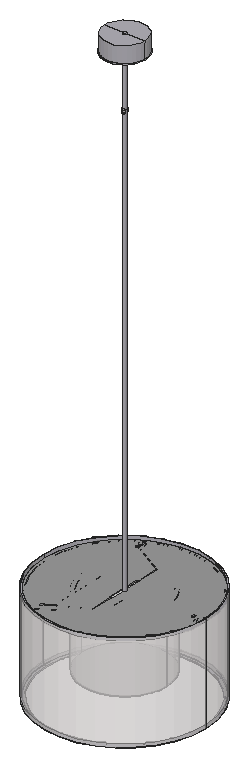
Revit family "Lighting - Lumetta - Pendant - P52314L2-Full", category Lighting Fixtures, host Ceiling, Revit 2015
Parameters
  Wattage = 11.1351 W
  built-in parameter 1150110 = 1 (stored number, unit not read)
  URL = "https://lumetta.com/luminaires/drum-l2-23-pendant/"
  Type Comments = "Drum L2 23'' Pendant"  # constant formula
  built-in parameter 1114217 = 1 (stored number, unit not read)
  Top Lens-Material [instance] = Acrylic - 2447 - White
  Top Lens [instance] = yes
  built-in parameter 1150109 = 1 (stored number, unit not read)
  built-in parameter 1150134 = (empty or 0)
  Suspension [instance] = 2
  built-in parameter 1150113 = 1 (stored number, unit not read)
  Stem Hung-ALL Lamping [instance] = Suspension = 2  # yes
  Light Source Symbol Size = 0' - 1"
  Diffuser Material-Inner [instance] = Shade - Lumetta - D61 - MT_White
  Coupling-Stems Over 60 inches [instance] = and([Stem Hung-ALL Lamping], Fixture Drop > 5' 0")  # yes
  Model = "P52314L2"  # constant formula
  Manufacturer = "Lumetta, Inc."  # constant formula
  Lumens = 1236 lm
  built-in parameter 1150115 = 1 (stored number, unit not read)
  built-in parameter 1150105 = 98.358 (stored number, unit not read)
  built-in parameter 1150137 = (empty or 0)
  built-in parameter 1150139 = (empty or 0)
  built-in parameter 1150112 = 1 (stored number, unit not read)
  built-in parameter 1150114 = 1 (stored number, unit not read)
  built-in parameter 1150132 = 2
  built-in parameter 1150102 = (empty or 0)
  built-in parameter 1150138 = (empty or 0)
  built-in parameter 1150107 = 3000 (stored number, unit not read)
  built-in parameter 1150106 = 0.98358 (stored number, unit not read)
  Frame Finish [instance] = Paint - Lumetta - F02 - PC_Chrome
  Fixture Height [instance] = 1' - 2"
  Fixture Drop [instance] = 5' - 10"
  built-in parameter 1150104 = 10.312 (stored number, unit not read)
  Dimming Lamp Color Temperature Shift = (empty or 0)
  Diffuser Material-Outer [instance] = Shade - Lumetta - D61 - MT_White
  Description = "Drum L2 23'' Pendant"  # constant formula
  Cord [instance] = Suspension = 1  # no
  3 Cables [instance] = Suspension = 1  # no
  1CRD-3CBL-ALL Lamping [instance] = Suspension = 1  # no
  Cord Color [instance] = Cord, Black
  Color Filter = 16777215
  built-in parameter 1114218 = 1 (stored number, unit not read)
  built-in parameter 1150133 = 10 (stored number, unit not read)
Reference planes (in)
  plane 1 "Light Source Axis (F/B)": y = 0
  plane 2 "Ceiling": z = 96
  plane 3 "Light Source Axis (L/R)": x = 0
  plane 4 "Light Source Elevation": z = 23.5
  plane 5 "Fixture-Top": z = 26
  plane 6 "Fixture-Radius": x = 11.5
  plane 7 "Fixture-Height": z = 12
  plane 8: through (0, 0, 0) normal (-0.5, -0.866, 0)
  plane 9: y = 0
  plane 10: through (0, 0, 0) normal (0.5, -0.866, 0)
  plane 11 "Plane-120": through (-5.75, 9.95929, 0) normal (0.5, -0.866, 0)
  plane 12 "Plane-240": through (-68.10383, 26.04071, 0) normal (0.5, 0.866, 0)
  plane 13: through (0, 0, 0) normal (-0.866, -0.5, 0)
  plane 14: through (0, 0, 0) normal (0.866, -0.5, 0)
Forms (in)
  Revolve 1, solid, material "Paint - Lumetta - F02 - PC_Chrome" <- "Frame Finish", visible <- "1CRD-3CBL-ALL Lamping"
    sketch origin (0, 0, 0) x (1, 0, 0) y (0, 0, 1)
      loop
        line (0, 96) -> (0, 95.4375) -> (3, 95.4375) -> (3, 95.5) -> (2.87509, 95.5) -> (2.87509, 96) -> (0, 96)
      axis (0, 96) -> (0, 95.4375)
    angle from 0 to 360
  Extrusion 2, void
    sketch origin (0, 0, 95.4375) x (0, -1, 0) y (1, 0, 0)
      loop
        circle (0, 0) r 0.25
      loop
        circle (0, 2.5) r 0.06274
      loop
        circle (-2.16506, -1.25) r 0.06274
      loop
        circle (2.16506, -1.25) r 0.06274
    from 0 to 0.06358
  Revolve 3, solid, material "Paint - Lumetta - F02 - PC_Chrome" <- "Frame Finish"
    sketch origin (0, 0, 0) x (1, 0, 0) y (0, 0, 1)
      loop
        line (11.5, 26) -> (11.43781, 26) -> (11.43781, 25.56373) -> (11.00031, 25.56373) -> (11.00031, 25.50123) -> (11.5, 25.50123) -> (11.5, 26)
      loop
        line (11.5, 12.50004) -> (11.43781, 12.50004) -> (11.43781, 12.06378) -> (11.00031, 12.06378) -> (11.00031, 12) -> (11.5, 12) -> (11.5, 12.50004)
      axis (0, 26) -> (0, 12)
    angle from 0 to 360
  Revolve 4, solid, material "Shade - Lumetta - D61 - MT_White" <- "Diffuser Material-Outer"
    sketch origin (0, 0, 0) x (1, 0, 0) y (0, 0, 1)
      loop
        line (11.5, 26) -> (11.5, 12) -> (11.56242, 12) -> (11.56242, 26) -> (11.5, 26)
      axis (0, 26) -> (0, 12)
    angle from 0 to 360
  Extrusion 5, solid, material "Paint - Lumetta - F02 - PC_Chrome" <- "Frame Finish", visible <- "Stem Hung-ALL Lamping"
    sketch origin (0, 0, 26) x (0, -1, 0) y (-1, 0, 0)
      loop
        circle (0, 0) r 0.25
    from 0.56254 to -70
  Revolve 6, solid, material "Paint - Lumetta - F02 - PC_Chrome" <- "Frame Finish", visible <- "Coupling-Stems Over 60 inches"
    sketch origin (0, 0, 0) x (1, 0, 0) y (0, 0, 1)
      loop
        line (0, 86.53023) -> (0, 86) -> (0.26233, 86)
        arc (0.26233, 86) -> (0.31307, 86.05074) -> (0.26233, 86.10149) r 0.05074
        arc (0.26233, 86.10149) -> (0.29304, 86.26499) -> (0.26243, 86.42851) r 0.45126
        arc (0.26243, 86.42851) -> (0.31329, 86.47937) -> (0.26243, 86.53023) r 0.05086
        line (0.26243, 86.53023) -> (0, 86.53023)
      axis (0, 86.53023) -> (0, 86)
    angle from 0 to 360
  Revolve 7, solid, material "Paint - Lumetta - F02 - PC_Chrome" <- "Frame Finish", visible <- "Stem Hung-ALL Lamping"
    sketch origin (0, 0, 0) x (1, 0, 0) y (0, 0, 1)
      loop
        line (0, 96) -> (0, 93.40625) -> (0.34988, 93.40625)
        arc (0.34988, 93.40625) -> (0.49124, 93.54417) -> (0.58115, 93.72) r 0.61026
        line (0.58115, 93.72) -> (3, 93.72) -> (3, 93.78) -> (2.875, 93.78) -> (2.875, 96) -> (0, 96)
      axis (0, 96) -> (0, 93.40625)
    angle from 0 to 360
  Extrusion 8, solid, material "Cord, Black" <- "Cord Color", visible <- "1CRD-3CBL-ALL Lamping"
    sketch origin (0, 0, 26) x (0, -1, 0) y (1, 0, 0)
      loop
        circle (0, 0) r 0.15674
    from -0.56254 to 70
  Extrusion 9, solid
    sketch origin (0, 0, 26) x (0, -1, 0) y (1, 0, 0)
      loop
        line (-0.5, 10.98559) -> (-0.5, 10.25) -> (0.5, 10.25) -> (0.5, 10.98559)
        arc (0.5, 10.98559) -> (0, 10.99696) -> (-0.5, 10.98559) r 10.99696
      loop
        circle (0, 10.5) r 0.11051
      loop
        arc (-9.7667, -5.06146) -> (-9.52654, -5.50015) -> (-9.2667, -5.92748) r 11.00031
        line (-9.2667, -5.92748) -> (-8.62676, -5.55801) -> (-9.12676, -4.69199) -> (-9.7667, -5.06146)
      loop
        circle (-9.09327, -5.25) r 0.10826
      loop
        arc (9.2638, -5.92581) -> (9.52365, -5.49848) -> (9.7638, -5.05978) r 10.99696
        line (9.7638, -5.05978) -> (9.12676, -4.69199) -> (8.62676, -5.55801) -> (9.2638, -5.92581)
      loop
        circle (9.09327, -5.25) r 0.10826
    from -0.43627 to -0.49877
  Extrusion 10, solid
    sketch origin (0, 0, 26) x (0, -1, 0) y (1, 0, 0)
      loop
        circle (0, 10.5) r 0.11051
      loop
        line (-0.76833, 10.73292) -> (-0.76833, 9.96921) -> (-9.05442, -4.38271) -> (-9.66082, -4.73282) -> (-8.91082, -6.03185) -> (-8.24943, -5.65) -> (8.32275, -5.65) -> (8.92915, -6.0001) -> (9.67915, -4.70107) -> (9.01776, -4.31921) -> (0.73167, 10.03271) -> (0.73167, 10.73292) -> (-0.76833, 10.73292)
      loop
        circle (0, 9.75) r 0.15796
      loop
        circle (-9.09327, -5.25) r 0.11051
      loop
        circle (-8.44375, -4.875) r 0.15796
      loop
        circle (9.09327, -5.25) r 0.11051
      loop
        circle (8.44375, -4.875) r 0.15796
      loop
        arc (6.48437, -3.9625) -> (6.67381, -3.85313) -> (6.67381, -3.63438) r 0.21875
        line (6.67381, -3.63438) -> (0.18944, 7.59687)
        arc (0.18944, 7.59687) -> (0, 7.70625) -> (-0.18944, 7.59687) r 0.21875
        line (-0.18944, 7.59687) -> (-6.67381, -3.63438)
        arc (-6.67381, -3.63438) -> (-6.67381, -3.85313) -> (-6.48437, -3.9625) r 0.21875
        line (-6.48437, -3.9625) -> (6.48437, -3.9625)
    from -0.5625 to -0.49877
  Sweep 11, solid, material "Steel, Galvanized", visible <- "1CRD-3CBL-ALL Lamping"
    path origin (0, 0, 0) x (1, 0, 0) y (0, 0, 1)
      loop
        line (2.5, 95.50108) -> (9.75, 25.50123)
    profile origin (6.125, 0, 60.50116) x (0.994679, 0, 0.103021) y (0, -1, 0)
      loop
        circle (0, 0) r 0.03083
  Sweep 12, solid, material "Steel, Galvanized", visible <- "1CRD-3CBL-ALL Lamping"
    path origin (0, 0, 0) x (-0.5, 0.866025, 0) y (0, 0, 1)
      loop
        line (2.5, 95.50108) -> (9.75, 25.50123)
    profile origin (-3.0625, 5.30441, 60.50116) x (-0.49734, 0.861417, 0.103021) y (0.866025, 0.5, 0)
      loop
        circle (0, 0) r 0.03083
  Sweep 13, solid, material "Steel, Galvanized", visible <- "1CRD-3CBL-ALL Lamping"
    path origin (0, 0, 0) x (-0.5, -0.866025, 0) y (0, 0, 1)
      loop
        line (2.5, 95.50108) -> (9.75, 25.50123)
    profile origin (-3.0625, -5.30441, 60.50116) x (-0.49734, -0.861417, 0.103021) y (-0.866025, 0.5, 0)
      loop
        circle (0, 0) r 0.03083
  Extrusion 14, solid
    sketch origin (0, 0, 26) x (0, -1, 0) y (1, 0, 0)
      loop
        line (-5.29719, -1.25) -> (5.29719, -1.25) -> (3.85381, 1.25) -> (-3.85381, 1.25) -> (-5.29719, -1.25)
      loop
        circle (0, 0) r 0.28281
    from -0.56254 to -0.49877
  Extrusion 15, solid, material "Acrylic - 2447 - White" <- "Top Lens-Material", visible <- "Top Lens"
    sketch origin (0, 0, 26) x (0, -1, 0) y (1, 0, 0)
      loop
        line (-2.50665, 0.05287) -> (-5.59142, 0.05287) -> (-8.30557, -4.64816)
        arc (-8.30557, -4.64816) -> (-8.63313, -5.06123) -> (-8.21462, -4.74064) r 0.26561
        line (-8.21462, -4.74064) -> (-5.51925, -0.07213) -> (-2.50665, -0.07213)
        arc (-2.50665, -0.07213) -> (-2.4132, -0.21734) -> (-2.25, -0.27378) r 0.26415
        line (-2.25, -0.27378) -> (2.25, -0.27378)
        arc (2.25, -0.27378) -> (2.41692, -0.21436) -> (2.50874, -0.06284) r 0.26415
        line (2.50874, -0.06284) -> (5.51389, -0.06284) -> (8.2155, -4.74217)
        arc (8.2155, -4.74217) -> (8.63236, -5.05984) -> (8.30633, -4.64949) r 0.26408
        line (8.30633, -4.64949) -> (5.58567, 0.06284) -> (2.50402, 0.06284)
        arc (2.50402, 0.06284) -> (2.40911, 0.20123) -> (2.25, 0.25453) r 0.26415
        line (2.25, 0.25453) -> (-2.25, 0.25453)
        arc (-2.25, 0.25453) -> (-2.4132, 0.19808) -> (-2.50665, 0.05287) r 0.26415
      loop
        circle (0, 9.75) r 0.26626
      loop
        circle (0, 0) r 11.34375
    from -0.43627 to -0.375
  Revolve 16, solid, material "Paint - Lumetta - F02 - PC_Chrome" <- "Frame Finish", visible <- "1CRD-3CBL-ALL Lamping"
    sketch origin (0, 0, 0) x (1, 0, 0) y (0, 0, 1)
      loop
        line (0, 95.4375) -> (0, 95.3765) -> (0.37481, 95.3765) -> (0.37481, 95.4375) -> (0, 95.4375)
      axis (0, 95.4375) -> (0, 95.3765)
    angle from 0 to 360
  Revolve 17, solid, material "Shade - Lumetta - D61 - MT_White" <- "Diffuser Material-Inner"
    sketch origin (0, 0, 0) x (1, 0, 0) y (0, 0, 1)
      loop
        line (11.43781, 12.06378) -> (11.43781, 25.50123) -> (11.40601, 25.50123) -> (11.40601, 12.06378) -> (11.43781, 12.06378)
      axis (0, 25.50123) -> (0, 12.06378)
    angle from 0 to 360
  Extrusion 18, solid, material "Acrylic - 2447 - White"
    sketch origin (0, 0, 26) x (0, -1, 0) y (1, 0, 0)
      loop
        circle (0, 0) r 6
      loop
        arc (-1.375, -5.32535) -> (-0.94381, -5.23651) -> (-0.75, -4.84123) r 0.5
        line (-0.75, -4.84123) -> (-0.75, -4.0625)
        arc (-0.75, -4.0625) -> (-0.73169, -4.01831) -> (-0.6875, -4) r 0.0625
        line (-0.6875, -4) -> (0.6875, -4)
        arc (0.6875, -4) -> (0.73169, -4.01831) -> (0.75, -4.0625) r 0.0625
        line (0.75, -4.0625) -> (0.75, -4.84123)
        arc (0.75, -4.84123) -> (0.94381, -5.23651) -> (1.375, -5.32535) r 0.5
        arc (1.375, -5.32535) -> (5.5, 0) -> (1.375, 5.32535) r 5.5
        arc (1.375, 5.32535) -> (0.94381, 5.23651) -> (0.75, 4.84123) r 0.5
        line (0.75, 4.84123) -> (0.75, 4.0625)
        arc (0.75, 4.0625) -> (0.73169, 4.01831) -> (0.6875, 4) r 0.0625
        line (0.6875, 4) -> (-0.6875, 4)
        arc (-0.6875, 4) -> (-0.73169, 4.01831) -> (-0.75, 4.0625) r 0.0625
        line (-0.75, 4.0625) -> (-0.75, 4.84123)
        arc (-0.75, 4.84123) -> (-0.94381, 5.23651) -> (-1.375, 5.32535) r 0.5
        arc (-1.375, 5.32535) -> (-5.5, 0) -> (-1.375, -5.32535) r 5.5
      loop
        circle (0, -4.42962) r 0.106
      loop
        circle (0, 4.42962) r 0.106
    from -0.68777 to -0.55153
  Extrusion 19, solid, material "Acrylic - 2447 - White"
    sketch origin (0, 0, 26) x (0, -1, 0) y (1, 0, 0)
      loop
        circle (0, 0) r 6
    from -10.56124 to -10.43979
  Revolve 20, solid, material "Shade - Lumetta - D61 - MT_White"
    sketch origin (0, 0, 0) x (1, 0, 0) y (0, 0, 1)
      loop
        line (6.0001, 25.44847) -> (6.0001, 15.43876) -> (6.03095, 15.43876) -> (6.03095, 25.44847) -> (6.0001, 25.44847)
      axis (0, 15.43876) -> (0, 25.44847)
    angle from 0 to 360
Dimensions and locks (in)
  equal spacing: host sketch curve, plane 3 "Light Source Axis (L/R)", host sketch curve
  equal spacing: host sketch curve, plane 1 "Light Source Axis (F/B)", host sketch curve
  host sketch curve to host sketch curve = 10' - 0"  (x2)
  "Fixture Drop": plane 2 "Ceiling" to plane 5 "Fixture-Top"
  locked: plane 5 "Fixture-Top" to plane 4 "Light Source Elevation" at 2.5
  locked: plane 6 "Fixture-Radius" to plane 3 "Light Source Axis (L/R)" at 11.5
  "Fixture Height": plane 5 "Fixture-Top" to plane 7 "Fixture-Height"
  locked: Extrusion 2 sketch curve to Extrusion 2 sketch curve at 2.5
  locked: plane 6 "Fixture-Radius" to Revolve 3 sketch curve at 0.06219  (x2)
  locked: Revolve 4 sketch curve to plane 6 "Fixture-Radius" at 0.06242
  locked: Revolve 3 to Revolve 4 at 0.06378
  locked: Extrusion 5 sketch curve to imposter light
  locked: Extrusion 5 sketch curve to imposter light at 0
  Revolve 6 sketch curve to Revolve 6 sketch curve = 0' - 0.15822"
  locked: Revolve 6 sketch curve to Revolve 4 at 60
  locked: Revolve 6 sketch curve to Revolve 6 sketch curve at 0.53023
  locked: Revolve 6 sketch curve to Revolve 6 sketch curve at 0.26243
  locked: Revolve 6 sketch curve to Revolve 6 sketch curve at 0.26233
  locked: Revolve 6 sketch curve to Revolve 6 sketch curve at 0.05074
  locked: Revolve 6 sketch curve to Revolve 6 sketch curve at 0.47937
  locked: Revolve 6 sketch curve to Revolve 6 sketch curve at 0.26512
  locked: Revolve 7 sketch curve to Revolve 7 sketch curve at 2.875
  locked: Revolve 7 sketch curve to Revolve 7 sketch curve at 0.31375
  locked: plane 5 "Fixture-Top" to Revolve 3 sketch curve at 0.49877
  locked: Revolve 3 sketch curve to Revolve 3 sketch curve at 0.0625
  locked: Revolve 3 sketch curve to plane 7 "Fixture-Height" at 0.50004
  locked: plane 6 "Fixture-Radius" to Revolve 3 sketch curve at 0.49969
  locked: Revolve 1 sketch curve to Revolve 1 sketch curve at 0.0625
  locked: host ceiling to Revolve 1 sketch curve at 0.5625
  locked: Revolve 1 sketch curve to Revolve 1 sketch curve at 0.5625
  Revolve 1 sketch curve to Revolve 1 sketch curve = 0' - 2.87509"
  equal spacing: Extrusion 9 sketch curve, plane 1 "Light Source Axis (F/B)", Extrusion 9 sketch curve
  locked: Extrusion 9 sketch curve to plane 1 "Light Source Axis (F/B)" at 0.5
  locked: Extrusion 9 sketch curve to plane 6 "Fixture-Radius" at 1
  locked: Extrusion 9 sketch curve to plane 6 "Fixture-Radius" at 1.25
  locked: Extrusion 10 sketch curve to plane 6 "Fixture-Radius" at 1
  locked: Extrusion 10 sketch curve to plane 6 "Fixture-Radius" at 1.75
  locked: plane 10 to plane 11 "Plane-120" at 11.5
  locked: plane 12 "Plane-240" to plane 8 at 11.5
  locked: plane 11 "Plane-120" to Extrusion 9 sketch curve at 1.25
  locked: Extrusion 9 sketch curve to plane 11 "Plane-120" at 1
  locked: plane 12 "Plane-240" to Extrusion 9 sketch curve at 1.25
  locked: Extrusion 9 sketch curve to plane 12 "Plane-240" at 1
  locked: Extrusion 10 sketch curve to plane 11 "Plane-120" at 0.76708
  locked: Extrusion 10 sketch curve to plane 12 "Plane-240" at 0.76708
  locked: Extrusion 10 sketch curve to plane 6 "Fixture-Radius" at 0.76708
  locked: Extrusion 10 sketch curve to plane 12 "Plane-240" at 1
  locked: Extrusion 10 sketch curve to plane 12 "Plane-240" at 1.75
  locked: Extrusion 10 sketch curve to plane 11 "Plane-120" at 1
  locked: Extrusion 10 sketch curve to plane 11 "Plane-120" at 1.75
  equal spacing: Extrusion 9 sketch curve, plane 13, Extrusion 9 sketch curve, locked at 0.5 each
  equal spacing: Extrusion 9 sketch curve, plane 14, Extrusion 9 sketch curve
  locked: plane 10 to Extrusion 2 sketch curve at 2.5
  locked: Extrusion 2 sketch curve to plane 8 at 2.5
  locked: Extrusion 10 sketch curve to Extrusion 10 sketch curve at 1.6875  (x3)
  locked: Extrusion 10 sketch curve to Extrusion 10 sketch curve at 1.5  (x3)
  plane 3 "Light Source Axis (L/R)" to Extrusion 14 sketch curve = 0' - 1 1/4"
  Extrusion 14 sketch curve to plane 3 "Light Source Axis (L/R)" = 0' - 1 1/4"
  locked: Extrusion 14 sketch curve to Extrusion 10 at 1.6875  (x2)
  locked: Extrusion 15 sketch curve to plane 9 at 2.25
  locked: Extrusion 15 sketch curve to plane 3 "Light Source Axis (L/R)" at 0.07213
  locked: plane 3 "Light Source Axis (L/R)" to Extrusion 15 sketch curve at 0.05287
  locked: plane 3 "Light Source Axis (L/R)" to Extrusion 15 sketch curve at 0.06284
  locked: Extrusion 15 sketch curve to plane 3 "Light Source Axis (L/R)" at 0.06284
  locked: Extrusion 15 sketch curve to plane 3 "Light Source Axis (L/R)" at 0.00963  (x2)
  locked: Extrusion 15 sketch curve to plane 11 "Plane-120" at 1.75
  locked: Extrusion 15 sketch curve to plane 12 "Plane-240" at 1.75
  locked: Extrusion 15 sketch curve to plane 6 "Fixture-Radius" at 1.75
  locked: Extrusion 15 sketch curve to Extrusion 10 at 0.78125  (x2)
  locked: Extrusion 15 sketch curve to Extrusion 15 sketch curve at 0.125  (x2)
  Extrusion 15 to plane 3 "Light Source Axis (L/R)" = 0' - 0.07213"
  locked: plane 5 "Fixture-Top" to Extrusion 15 at 0.375
  locked: Revolve 1 sketch curve to Revolve 1 sketch curve at 3
  locked: Revolve 1 sketch curve to Revolve 1 sketch curve at 2.87509
  locked: Revolve 1 to Revolve 16 sketch curve at 0.061
  locked: plane 3 "Light Source Axis (L/R)" to Revolve 16 sketch curve at 0.37481
  locked: plane 5 "Fixture-Top" to Revolve 17 sketch curve at 0.49877
  locked: Revolve 17 sketch curve to plane 7 "Fixture-Height" at 0.06378
  locked: plane 6 "Fixture-Radius" to Revolve 17 sketch curve at 0.06219
  locked: Revolve 17 sketch curve to Revolve 17 sketch curve at 0.0318
  locked: Extrusion 18 sketch curve to plane 3 "Light Source Axis (L/R)" at 4
  locked: plane 9 to Extrusion 18 sketch curve at 0.75  (x2)
  locked: Extrusion 18 sketch curve to plane 3 "Light Source Axis (L/R)" at 4.42962
  locked: plane 5 "Fixture-Top" to Extrusion 18 at 0.55153
  locked: Extrusion 18 to Extrusion 18 at 0.13624
  locked: Extrusion 18 to Extrusion 19 at 10.00971
  locked: Extrusion 19 to Extrusion 19 at 0.12145
  locked: Revolve 20 sketch curve to Extrusion 10 at 0.01097
  locked: Extrusion 19 to Revolve 20 sketch curve
  locked: Revolve 20 sketch curve to plane 3 "Light Source Axis (L/R)" at 6.03095
  locked: Revolve 20 sketch curve to Revolve 20 sketch curve at 0.03085
  locked: Extrusion 15 sketch curve to Extrusion 15 sketch curve (radius 0' - 11 11/32")
  diameter of Extrusion 18 sketch curve = 1' - 0"
  diameter of Extrusion 19 sketch curve = 1' - 0"
  aligned and locked: plane 3 "Light Source Axis (L/R)" to imposter light
  aligned and locked: plane 1 "Light Source Axis (F/B)" to imposter light
  aligned and locked: plane 4 "Light Source Elevation" to imposter light
  aligned and locked: Revolve 4 sketch curve to plane 3 "Light Source Axis (L/R)"
  aligned and locked: Revolve 6 sketch curve to Revolve 6 sketch curve  (x2)
  aligned and locked: host ceiling to Extrusion 5
  aligned and locked: Extrusion 9 to Revolve 3
  aligned and locked: Revolve 3 to Extrusion 9
  aligned and locked: Extrusion 10 to Extrusion 9
  aligned and locked: Extrusion 9 sketch curve to Revolve 3
  aligned and locked: host ceiling to Extrusion 8
  aligned and locked: Extrusion 14 to Extrusion 5
  aligned and locked: Revolve 3 to Extrusion 14
  aligned and locked: Extrusion 15 sketch curve to Extrusion 15 sketch curve  (x2)
  aligned and locked: Extrusion 15 to Revolve 3
  aligned and locked: plane 3 "Light Source Axis (L/R)" to Revolve 20 sketch curve
Automatic sketch dimensions
  Revolve 4 sketch curve to plane 6 "Fixture-Radius" = 0' - 0"
  Revolve 4 sketch curve to plane 7 "Fixture-Height" = 0' - 0"
  Revolve 4 sketch curve to plane 5 "Fixture-Top" = 0' - 0"
  plane 7 "Fixture-Height" to Revolve 4 sketch curve = 0' - 1 1/4"
  Revolve 4 sketch curve to plane 5 "Fixture-Top" = 0' - 2 1/4"
  Revolve 6 sketch curve to plane 3 "Light Source Axis (L/R)" = 0' - 0"
  Revolve 6 sketch curve to Revolve 6 sketch curve = 0' - 11.34317"
  Revolve 7 sketch curve to plane 3 "Light Source Axis (L/R)" = 0' - 0"  (x3)
  Revolve 7 sketch curve to plane 2 "Ceiling" = 0' - 0"
  plane 3 "Light Source Axis (L/R)" to Revolve 7 sketch curve = 0' - 0.34988"
  Revolve 7 sketch curve to Revolve 7 sketch curve = 0' - 0.23126"
  Revolve 7 sketch curve to Revolve 7 sketch curve = 0' - 0 1/8"
  Revolve 7 sketch curve to plane 2 "Ceiling" = 0' - 2 3/32"
  Revolve 7 sketch curve to Revolve 7 sketch curve = 0' - 0.06"
  plane 2 "Ceiling" to Revolve 7 sketch curve = 0' - 1 3/4"
  Revolve 7 sketch curve to Revolve 7 sketch curve = 0' - 2 1/2"
  plane 1 "Light Source Axis (F/B)" to Extrusion 8 sketch curve = 0' - 0"
  Extrusion 8 sketch curve to plane 3 "Light Source Axis (L/R)" = 0' - 0"
  Revolve 3 sketch curve to plane 3 "Light Source Axis (L/R)" = 0' - 0"
  Revolve 3 sketch curve to plane 7 "Fixture-Height" = 0' - 0"
  Revolve 3 sketch curve to plane 5 "Fixture-Top" = 0' - 0"
  Revolve 3 sketch curve to plane 6 "Fixture-Radius" = 0' - 0"  (x2)
  Revolve 3 sketch curve to level = 0' - 10"
  Revolve 3 sketch curve to plane 2 "Ceiling" = 0' - 1"
  Revolve 3 sketch curve to Revolve 3 sketch curve = 0' - 0 7/16"
  Revolve 3 sketch curve to Revolve 3 sketch curve = 0' - 0.06378"
  Extrusion 9 sketch curve to Extrusion 9 sketch curve = 0' - 0"  (x2)
  plane 1 "Light Source Axis (F/B)" to Extrusion 9 sketch curve = 0' - 0"  (x2)
  Extrusion 9 sketch curve to Extrusion 9 sketch curve = 0' - 0.03349"  (x2)
  Extrusion 9 sketch curve to Extrusion 9 sketch curve = 0' - 0.17053"
  Extrusion 9 sketch curve to plane 6 "Fixture-Radius" = 0' - 0.51441"
  Extrusion 9 sketch curve to plane 3 "Light Source Axis (L/R)" = 0' - 0"
  plane 14 to Extrusion 9 sketch curve = 0' - 0"
  plane 13 to Extrusion 9 sketch curve = 0' - 0"
  Extrusion 2 sketch curve to Revolve 1 = 0' - 0"
  Extrusion 2 sketch curve to Extrusion 2 sketch curve = 0' - 1 1/4"  (x2)
  Sweep 11 sketch curve to plane 2 "Ceiling" = 0' - 0.49892"
  plane 3 "Light Source Axis (L/R)" to Sweep 11 sketch curve = 0' - 2 1/2"
  plane 5 "Fixture-Top" to Sweep 11 sketch curve = 0' - 0.49877"
  Sweep 11 sketch curve to plane 6 "Fixture-Radius" = 0' - 1 3/4"
  Sweep 11 sketch curve to plane 1 "Light Source Axis (F/B)" = 0' - 0"
  Sweep 11 sketch curve to profile plane = 0' - 0"
  Sweep 12 sketch curve to plane 2 "Ceiling" = 0' - 0.49892"
  Sweep 12 sketch curve to plane 10 = 0' - 2 1/2"
  plane 5 "Fixture-Top" to Sweep 12 sketch curve = 0' - 0.49877"
  plane 11 "Plane-120" to Sweep 12 sketch curve = 0' - 1 3/4"
  Sweep 12 sketch curve to profile plane = 0' - 0"
  profile plane to Sweep 12 sketch curve = 0' - 0"
  Sweep 13 sketch curve to plane 2 "Ceiling" = 0' - 0.49892"
  plane 8 to Sweep 13 sketch curve = 0' - 2 1/2"
  plane 5 "Fixture-Top" to Sweep 13 sketch curve = 0' - 0.49877"
  plane 12 "Plane-240" to Sweep 13 sketch curve = 0' - 1 3/4"
  profile plane to Sweep 13 sketch curve = 0' - 0"  (x2)
  plane 13 to Extrusion 10 sketch curve = 0' - 0"  (x3)
  plane 1 "Light Source Axis (F/B)" to Extrusion 10 sketch curve = 0' - 0"  (x3)
  plane 14 to Extrusion 10 sketch curve = 0' - 0"  (x2)
  Extrusion 10 sketch curve to plane 14 = 0' - 0"
  Extrusion 10 sketch curve to Extrusion 10 sketch curve = 0' - 0.18245"
  Extrusion 10 sketch curve to plane 1 "Light Source Axis (F/B)" = 0' - 0.18944"
  plane 1 "Light Source Axis (F/B)" to Extrusion 10 sketch curve = 0' - 0.18944"
  plane 1 "Light Source Axis (F/B)" to Extrusion 10 sketch curve = 0' - 0.73167"
  Extrusion 10 sketch curve to Extrusion 10 sketch curve = 0' - 0.121"
  Extrusion 10 sketch curve to Extrusion 10 sketch curve = 0' - 0 7/64"
  Extrusion 10 sketch curve to Extrusion 10 sketch curve = 0' - 1.95938"
  Extrusion 10 sketch curve to Extrusion 10 sketch curve = 0' - 0 7/32"
  Extrusion 10 sketch curve to Extrusion 10 sketch curve = 0' - 0.18944"  (x2)
  Extrusion 10 sketch curve to Extrusion 10 sketch curve = 0' - 0.6064"
  Extrusion 10 sketch curve to Extrusion 10 sketch curve = 0' - 0.66139"
  plane 1 "Light Source Axis (F/B)" to Extrusion 14 sketch curve = 0' - 0"
  Extrusion 14 sketch curve to plane 3 "Light Source Axis (L/R)" = 0' - 0"
  plane 13 to Extrusion 15 sketch curve = 0' - 0"
  plane 1 "Light Source Axis (F/B)" to Extrusion 15 sketch curve = 0' - 0"  (x2)
  plane 14 to Extrusion 15 sketch curve = 0' - 0"
  Extrusion 15 sketch curve to plane 3 "Light Source Axis (L/R)" = 0' - 0"
  plane 1 "Light Source Axis (F/B)" to Extrusion 15 sketch curve = 0' - 2 1/4"
  Extrusion 15 sketch curve to Extrusion 15 sketch curve = 0' - 0.25665"
  Extrusion 15 sketch curve to Extrusion 15 sketch curve = 0' - 0.13436"
  Extrusion 15 sketch curve to Extrusion 15 sketch curve = 0' - 0.09083"
  Revolve 1 sketch curve to plane 3 "Light Source Axis (L/R)" = 0' - 0"  (x2)
  Revolve 1 sketch curve to plane 5 "Fixture-Top" = 0' - 1 1/4"
  Revolve 1 sketch curve to Revolve 1 sketch curve = 0' - 9 3/4"
  Revolve 16 sketch curve to plane 3 "Light Source Axis (L/R)" = 0' - 0"  (x2)
  Revolve 16 sketch curve to Revolve 16 sketch curve = 0' - 0.061"
  Revolve 16 sketch curve to Revolve 16 sketch curve = 0' - 0.82606"
  Revolve 16 sketch curve to plane 2 "Ceiling" = 0' - 0 1/4"
  Revolve 17 sketch curve to plane 3 "Light Source Axis (L/R)" = 0' - 0"
  Revolve 17 sketch curve to plane 7 "Fixture-Height" = 0' - 2.50123"
  plane 4 "Light Source Elevation" to Revolve 17 sketch curve = 0' - 0.99877"
  Extrusion 18 sketch curve to Extrusion 18 sketch curve = 0' - 0"  (x4)
  plane 1 "Light Source Axis (F/B)" to Extrusion 18 sketch curve = 0' - 0"  (x3)
  Extrusion 18 sketch curve to plane 3 "Light Source Axis (L/R)" = 0' - 0"
  Extrusion 18 sketch curve to Extrusion 18 sketch curve = 0' - 0 1/2"  (x4)
  Extrusion 18 sketch curve to Extrusion 18 sketch curve = 0' - 0 1/16"  (x4)
  plane 1 "Light Source Axis (F/B)" to Extrusion 18 sketch curve = 0' - 0 11/16"
  Extrusion 18 sketch curve to Extrusion 18 sketch curve = 0' - 0.77873"  (x4)
  Extrusion 18 sketch curve to Extrusion 18 sketch curve = 0' - 0.36712"
  Extrusion 18 sketch curve to Extrusion 18 sketch curve = 0' - 0 1/8"  (x2)
  Extrusion 18 sketch curve to plane 1 "Light Source Axis (F/B)" = 0' - 1 3/8"
  plane 1 "Light Source Axis (F/B)" to Extrusion 18 sketch curve = 0' - 1 3/8"
  plane 1 "Light Source Axis (F/B)" to Extrusion 19 sketch curve = 0' - 0"
  Extrusion 19 sketch curve to plane 3 "Light Source Axis (L/R)" = 0' - 0"
  plane 4 "Light Source Elevation" to Revolve 20 sketch curve = 0' - 4.06124"
  Revolve 20 sketch curve to Revolve 20 sketch curve = 0' - 2"
  radius of Extrusion 5 sketch curve = 0' - 0 1/4"
  radius of Extrusion 8 sketch curve = 0' - 0.15674"
  radius of Extrusion 9 sketch curve = 0' - 0.11051"
  radius of Extrusion 9 sketch curve = 0' - 0.10826"  (x2)
  radius of Extrusion 2 sketch curve = 0' - 0.06274"  (x3)
  radius of Sweep 11 sketch curve = 0' - 0.03083"
  radius of Sweep 12 sketch curve = 0' - 0.03083"
  radius of Sweep 13 sketch curve = 0' - 0.03083"
  radius of Extrusion 10 sketch curve = 0' - 0.11051"  (x3)
  radius of Extrusion 10 sketch curve = 0' - 0.15796"  (x3)
  radius of Extrusion 14 sketch curve = 0' - 0.28281"
  radius of Extrusion 15 sketch curve = 0' - 0.26626"
  radius of Extrusion 2 sketch curve to Revolve 1 = 0' - 2 3/4"
  radius of Extrusion 18 sketch curve = 0' - 0.106"  (x2)
